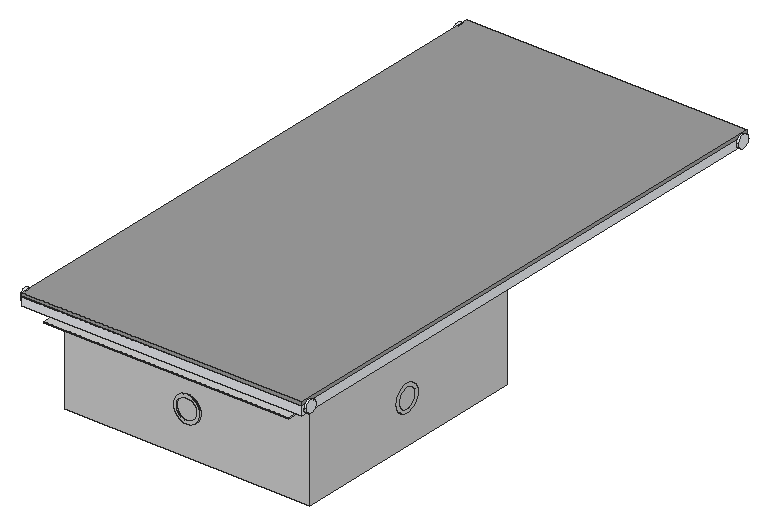
Revit family "I128SYS+", category Communication Devices, Revit 2014
Parameters (values of type "IP Loudspeaker System")
  Width = 11.94"
  Weight Product = 10
  Warranty = "1 Year"
  Voltage AC = "PoE or PoE+ and External 24VDC"
  Vertical Symmetry = yes
  Transformer Option = yes
  Specification by User (default) = "TBD"
  Speaker Type = "S1"
  Speaker Listening Height [instance] = 30.00"
  Speaker Height [instance] = 120.00"
  Speaker Dispersion = 105.00°
  Speaker Cone Visible [instance] = no
  Speaker Cone Height [instance] = (Speaker Height - Speaker Listening Height)  # 90.00"
  ScheduleType |RF| = "AtlasIED Master"
  Safety Agency Ratings = "ETL Listed to Comply with UL-60950-1, and CAN/CSA-C22.2 No. 60950-1"
  SPL Max = 95
  Recommended Signal Processing = "Built-In Processing"
  Radius of Speaker Cone [instance] = (Speaker Cone Height) * tan(Speaker Dispersion / 2)  # 117.29028"
  Product Page URL = "https://www.atlasied.com/Product/ProductDetails?productId=3377"
  Product Documentation Link = "https://www.atlasied.com/f/3581/I128SYS+_data_sheet.pdf"
  Power Rating (RMS) = "15 Watts Max (802.3AT)"
  Operation Mode = "Self Powered"
  OmniClass Title = "SPEAKERS"
  OmniClass Number = "23-37 17 13 19"
  Mounting/Rigging Provisions = "Lay-In Into A Reflected Ceiling Grid"
  Mount Material = QF_Plastic - White - Smooth
  Model = "I128SYS+"
  MaterFormat Title = "SPEAKERS"
  MasterFormat = "27 41 13"
  Market = "Commercial, Higher Education, Emergency"
  Manufacturer URL = "https://www.atlasied.com"
  Manufacturer Phone = "(800) 876 - 3333"
  Manufacturer Email = "support@atlasied.com"
  Manufacturer Address = "4545 E. Baseline Rd., Phoenix, AZ 85042"
  Manufacturer = "ATLAS SOUND"
  Loudspeaker Level = "8Ω, 9W (802.3AF), 15W (802.3AT)"
  Input Connectors = "One Unbalanced Analog, Secured Screw Terminal Block, G.711, G.722 Capable"
  Ingress Protection = "IP-XX (Not Rated)"
  Impedance = 8
  IQ Category = "SPEAKERS"
  Height = 4.92"
  Grill Material = QF_Plastic - Black - Fine Textured
  Frequency Response  = "86Hz - 15.5kHz"
  Family Version [instance] = "2017-01"
  Family Code (default) = "LOUD SPEAKERS"
  Enclosure Material = none
  Dispersion Angle = 105.00°
  Description = "POE+ INDOOR 1’ X 2’ SUSPENDED CEILING MOUNT IP LOUDSPEAKER"
  Depth = 23.69"
  Coverage Vertical = 105.00°
  Coverage Horizontal = 105.00°
  Coverage = "105° (2kHz Octave Band, -6dB Points"
  Cost MSRP = 913.99
  Cost = 913.99
  Communication Ports = "RJ-45 Female"
  Color = none
  Body Material = QF_Metal - Stainless - Polished
  Baffle Material = none
  70V Taps = "32.00 W"
  100V Taps = "32.00 W"
Reference planes (in)
  plane 1 "Center (Front/Back)": y = 0
  plane 2: z = 0
  plane 3 "Center (Left/Right)": x = 0
  plane 4: z = 0.5
  plane 5: x = 5.97
  plane 6: x = -5.97
  plane 7: y = 11.845
  plane 8: y = -11.845
  plane 9: z = -4.42
  plane 10: y = 10.12661
Forms (in)
  Extrusion 1, solid, material "QF_Plastic - White - Smooth" <- "Mount Material"
    sketch origin (0, 0, 0) x (1, 0, 0) y (0, 1, 0)
      loop
        line (-5.97, 11.845) -> (-5.97, -11.845) -> (5.97, -11.845) -> (5.97, 11.845) -> (-5.97, 11.845)
    from 0 to 0.35
  Extrusion 2, solid, material "QF_Metal - Stainless - Polished" <- "Body Material"
    sketch origin (0, 0, 0) x (0, 1, 0) y (0, 0, 1)
      loop
        line (0, -4.29) -> (0, -0.5) -> (1.10686, -0.5) -> (1.10686, -0.45205) -> (0, -0.45205) -> (0, 0) -> (-10.5, 0) -> (-10.5, -0.45205) -> (-11.60686, -0.45205) -> (-11.60686, -0.5) -> (-10.5, -0.5) -> (-10.5, -4.29) -> (0, -4.29)
    from -5.23 to 5.22635
  Extrusion 3, solid, material "QF_Metal - Stainless - Polished" <- "Body Material"
    sketch origin (0, 0, -4.29) x (-1, 0, 0) y (0, 1, 0)
      loop
        line (3.10859, -0.42676) -> (0.54088, -0.42676) -> (0.54088, 0.77513) -> (-0.44713, 0.77513) -> (-0.44713, -0.42676) -> (-3.03918, -0.42676) -> (-3.03918, -5.04209) -> (3.10859, -5.04209) -> (3.10859, -0.42676)
      loop
        circle (0.05482, 0.22836) r 0.36127
    from 0 to 0.13
  Extrusion 4, solid, material "QF_Plastic - White - Smooth" <- "Mount Material"
    sketch origin (5.97, 11.845, 0) x (0, -1, 0) y (0, 0, -1)
      loop
        circle (0.31236, -0.25095) r 0.25
      loop
        circle (23.37764, -0.25095) r 0.25
    from 0 to 0.13
  Extrusion 5, solid, material "QF_Plastic - White - Smooth" <- "Mount Material"
    sketch origin (-5.97, 10.595, 0) x (0, 1, 0) y (0, 0, -1)
      loop
        circle (0.93764, -0.25095) r 0.25
      loop
        circle (-22.12764, -0.25095) r 0.25
    from 0 to 0.13
  Extrusion 6, solid, material "QF_Metal - Stainless - Polished" <- "Body Material"
    sketch origin (0, 0, -0.5) x (1, 0, 0) y (0, -1, 0)
      loop
        circle (4.73985, -0.46186) r 0.25
      loop
        circle (-4.73985, -0.46186) r 0.25
      loop
        circle (4.73985, 11.08686) r 0.25
      loop
        circle (-4.73985, 11.08686) r 0.25
    from 0 to 0.13
  Extrusion 7, solid, material "QF_Metal - Stainless - Polished" <- "Body Material"
    sketch origin (0, 0, -4.42) x (0, -1, 0) y (-1, 0, 0)
      loop
        circle (2.78313, 0) r 0.61511
      loop
        circle (2.78313, 0) r 0.48511
    from 0 to 0.03
  Extrusion 8, solid, material "QF_Metal - Stainless - Polished" <- "Body Material"
    sketch origin (-5.23, 0, 0) x (0, -1, 0) y (0, 0, 1)
      loop
        circle (5.36407, -2.4354) r 0.56726
      loop
        circle (5.36407, -2.4354) r 0.43726
    from 0 to 0.03
  Extrusion 9, solid, material "QF_Metal - Stainless - Polished" <- "Body Material"
    sketch origin (0, 0, -4.42) x (0, 0, 1) y (1, 0, 0)
      loop
        circle (1.9846, 0) r 0.57
      loop
        circle (1.9846, 0) r 0.44
    from 0 to 0.03
  Extrusion 10, solid, material "QF_Metal - Stainless - Polished" <- "Body Material"
    sketch origin (0, -10.5, -4.42) x (0, 0, 1) y (-1, 0, 0)
      loop
        circle (1.9846, 0) r 0.57
      loop
        circle (1.9846, 0) r 0.44
    from 0 to 0.03
  Extrusion 11, solid, material "QF_Metal - Stainless - Polished" <- "Body Material"
    sketch origin (5.22635, 0, 0) x (0, 1, 0) y (0, 0, 1)
      loop
        circle (-5.36407, -2.4354) r 0.56726
      loop
        circle (-5.36407, -2.4354) r 0.43726
    from 0 to 0.03
  Extrusion 12, solid, material "QF_Plastic - Black - Fine Textured" <- "Grill Material"
    sketch origin (5.51168, -11.845, 0) x (-1, 0, 0) y (0, 0, -1)
      loop
        line (11.48168, -0.5) -> (11.48168, -0.37) -> (-0.45832, -0.37) -> (-0.45832, -0.5) -> (11.48168, -0.5)
    from 0 to -23.69
  Blend 13, solid, material "Glass", visible <- "Speaker Cone Visible"
    base sketch origin (0, 0, 0.13989) x (1, 0, 0) y (0, 1, 0)
      loop
        circle (0, 0.09521) r 117.29028
    top sketch origin (0, 0, 0.13989) x (1, 0, 0) y (0, 1, 0)
      loop
        circle (0, 0.09521) r 0.13513
    from 90 <- "Speaker Cone Height" to 0
Lines and regions (in)
  symbolic lines
    curve 1: line (-5.97, 11.845, 0) -> (5.97, 11.845, 0)
    curve 2: line (-5.97, -11.845, 0) -> (-5.97, 11.845, 0)
    curve 3: line (5.97, -11.845, 0) -> (-5.97, -11.845, 0)
    curve 4: line (5.97, 11.845, 0) -> (5.97, -11.845, 0)
  symbolic lines, style "Sound Projection Average", visible <- "Speaker Cone Visible"
    curve 5: circle (0, 0.09521, 0.13989) r 117.29028 normal (0, 0, 1)
Dimensions and locks (in)
  plane 4 to plane 2 = 0.50"
  "Width": plane 6 to plane 5
  "Depth": plane 7 to plane 8
  "Height": plane 4 to plane 9
  "Radius of Speaker Cone": radius of Blend 13 sketch curve
  aligned and locked: plane 2 to level
Automatic sketch dimensions
  curve 3 to plane 6 = 0.00"
  curve 3 to plane 5 = 0.00"
  curve 3 to plane 8 = 0.00"
  curve 2 to plane 7 = 0.00"
  Extrusion 1 sketch curve to plane 6 = 0.00"
  Extrusion 1 sketch curve to plane 5 = 0.00"
  Extrusion 1 sketch curve to plane 8 = 0.00"
  Extrusion 1 sketch curve to plane 7 = 0.00"
  Extrusion 2 sketch curve to level = 0.00"
  Extrusion 2 sketch curve to plane 1 "Center (Front/Back)" = 0.00"  (x2)
  plane 8 to Extrusion 2 sketch curve = 1.345"  (x2)
  plane 9 to Extrusion 2 sketch curve = 0.13"
  plane 8 to Extrusion 2 sketch curve = 0.23814"
  Extrusion 2 sketch curve to level = 0.50"  (x2)
  Extrusion 2 sketch curve to Extrusion 2 sketch curve = 1.10686"
  Extrusion 2 sketch curve to Extrusion 2 sketch curve = 0.04795"  (x2)
  Extrusion 3 sketch curve to Extrusion 2 = 2.18718"
  Extrusion 3 sketch curve to Extrusion 2 = 0.77513"
  Extrusion 3 sketch curve to Extrusion 3 sketch curve = 2.59205"
  Extrusion 3 sketch curve to Extrusion 2 = 0.22836"
  Extrusion 3 sketch curve to Extrusion 3 sketch curve = 0.50195"
  Extrusion 3 sketch curve to Extrusion 3 sketch curve = 0.48606"
  Extrusion 2 to Extrusion 3 sketch curve = 0.42676"  (x2)
  Extrusion 3 sketch curve to Extrusion 2 = 2.12141"
  Extrusion 3 sketch curve to Extrusion 3 sketch curve = 4.61533"
  Extrusion 1 to Extrusion 4 sketch curve = 0.09905"  (x2)
  Extrusion 1 to Extrusion 4 sketch curve = 0.31236"  (x2)
  Extrusion 1 to Extrusion 5 sketch curve = 0.09905"  (x2)
  Extrusion 5 sketch curve to Extrusion 1 = 0.31236"
  Extrusion 1 to Extrusion 5 sketch curve = 0.31236"
  Extrusion 6 sketch curve to Extrusion 2 = 0.49015"  (x2)
  Extrusion 6 sketch curve to Extrusion 2 = 0.48651"  (x2)
  Extrusion 2 to Extrusion 6 sketch curve = 11.08686"
  Extrusion 6 sketch curve to Extrusion 6 sketch curve = 0.00"
  Extrusion 6 sketch curve to Extrusion 2 = 0.46186"  (x2)
  Extrusion 7 sketch curve to Extrusion 7 sketch curve = 0.00"  (x2)
  Extrusion 3 to Extrusion 7 sketch curve = 0.44713"
  Extrusion 3 to Extrusion 7 sketch curve = 2.25896"
  Extrusion 8 sketch curve to Extrusion 8 sketch curve = 0.00"  (x2)
  Extrusion 8 sketch curve to Extrusion 2 = 1.8546"
  Extrusion 8 sketch curve to Extrusion 2 = 5.13593"
  Extrusion 9 sketch curve to Extrusion 9 sketch curve = 0.00"  (x2)
  Extrusion 2 to Extrusion 9 sketch curve = 1.8546"
  Extrusion 2 to Extrusion 9 sketch curve = 5.22635"
  Extrusion 10 sketch curve to Extrusion 10 sketch curve = 0.00"  (x2)
  Extrusion 2 to Extrusion 10 sketch curve = 1.8546"
  Extrusion 2 to Extrusion 10 sketch curve = 5.22635"
  Extrusion 11 sketch curve to Extrusion 11 sketch curve = 0.00"  (x2)
  Extrusion 11 sketch curve to Extrusion 2 = 1.8546"
  Extrusion 11 sketch curve to Extrusion 2 = 5.13593"
  Extrusion 12 sketch curve to Extrusion 1 = 0.00"  (x2)
  Extrusion 12 sketch curve to Extrusion 1 = 0.15"
  Extrusion 12 sketch curve to Extrusion 1 = 0.02"
  Blend 13 sketch curve to plane 3 "Center (Left/Right)" = 0.00"  (x2)
  Blend 13 sketch curve to plane 1 "Center (Front/Back)" = 0.09521"  (x2)
  radius of Extrusion 3 sketch curve = 0.36127"
  radius of Extrusion 4 sketch curve = 0.25"  (x2)
  radius of Extrusion 5 sketch curve = 0.25"  (x2)
  radius of Extrusion 6 sketch curve = 0.25"  (x4)
  radius of Extrusion 7 sketch curve = 0.61511"
  radius of Extrusion 7 sketch curve = 0.48511"
  radius of Extrusion 8 sketch curve = 0.56726"
  radius of Extrusion 8 sketch curve = 0.43726"
  radius of Extrusion 9 sketch curve = 0.57"
  radius of Extrusion 9 sketch curve = 0.44"
  radius of Extrusion 10 sketch curve = 0.57"
  radius of Extrusion 10 sketch curve = 0.44"
  radius of Extrusion 11 sketch curve = 0.56726"
  radius of Extrusion 11 sketch curve = 0.43726"
  radius of Blend 13 sketch curve = 0.13513"
Nested families (in)
  nested 1: "Speaker Annotation" at (0, 0, 0.13989), Speaker Type <- "Speaker Type", type "Data Annotation"
    with Speaker Type "S1"
Definition of nested family "Speaker Annotation"
  Parameters (values of type "Data Annotation")
    Speaker Type [instance] = ""
  Reference planes (in)
    plane 1: y = 0
    plane 2: x = 0
  Lines and regions (in)
    detail lines, style "Data Device"
      curve 1: circle (-0.00295, 0.00032, 0) r 0.09489 normal (0, 0, 1)
  Text (in)
    label "S1" at (0.00193, -0.00496, 0), shows "Speaker Type"
